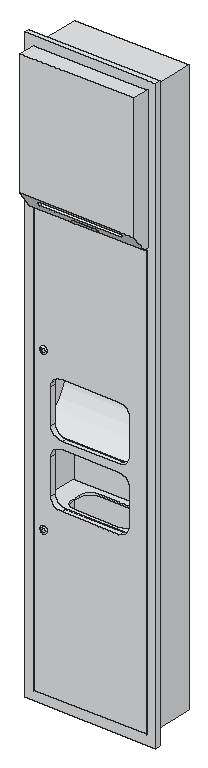
Revit family "DWCB0015_revit", category Generic Models, Revit 2017
Family settings
  Can host rebar = No
  Round Connector Dimension = Use Diameter
  Part Type = Normal
  Work Plane-Based = No
  Always vertical = Yes
  Cut with Voids When Loaded = No
  Shared = No
  Room Calculation Point = No
Parameters
  Website = "https://dolphy.in/"  # constant formula
  Contact number = "+91 9520202035"  # constant formula
  Contact email = "info@dolphy.in"  # constant formula
  Company name = "Dolphy India"  # constant formula
Reference planes
  plane 1 "Center (Front/Back)": y = 0
  plane 2: z = 0
  plane 3 "Center (Left/Right)": x = 0
Forms (mm)
  Extrusion 1, solid, material "Dolphy_CHROME"
    sketch origin (0, -246.395, 670) x (-1, 0, 0) y (0, 0, 1)
      loop
        line (-187.5, 1030) -> (-187.5, -670) -> (187.5, -670) -> (187.5, 1030) -> (-187.5, 1030)
    from 231.395 to 246.395
  Extrusion 2, solid, material "Dolphy_CHROME"
    sketch origin (0, -261.395, 670) x (-1, 0, 0) y (0, 0, 1)
      loop
        line (-162.5, 1005) -> (-162.5, -645) -> (162.5, -645) -> (162.5, 1005) -> (-162.5, 1005)
    from 392.748 to 256.148
  Extrusion 3, solid, material "Dolphy_CHROME"
    sketch origin (0, -246.395, 988.975) x (0, -1, 0) y (0, 0, 1)
      loop
        line (-231.395, 686.025) -> (-231.395, 283) -> (-217.653, 283) -> (-184.214, 329.024) -> (-184.214, 686.025) -> (-231.395, 686.025)
    from -162.5 to 162.5
  Extrusion 4, void
    sketch origin (0, -64.395, 901.003) x (-1, 0, 0) y (0, -0.446869, 0.894599)
      loop
        line (-120.5, 363.884) -> (-120.5, 340.423) -> (120.5, 340.423) -> (120.5, 363.884) -> (-120.5, 363.884)
    from 143.301 to 322.211
  Extrusion 5, solid, material "Dolphy_CHROME"
    sketch origin (0, -2.64, 889.419) x (-1, 0, 0) y (0, -0.607315, 0.794461)
      loop
        spline (-29.457, 335.071) -> (-31.913, 334.794) -> (-33.832, 334.034) -> (-35.257, 332.894) -> (-36.233, 331.482) -> (-36.803, 329.902) -> (-37.012, 328.259) -> (-36.884, 326.651) -> (-36.376, 325.147) -> (-35.435, 323.811) -> (-34.004, 322.705) -> (-32.03, 321.894) -> (-29.457, 321.441)
        line (-29.457, 321.441) -> (29.457, 321.441)
        spline (29.457, 321.441) -> (32.03, 321.894) -> (34.004, 322.705) -> (35.435, 323.811) -> (36.376, 325.147) -> (36.884, 326.651) -> (37.012, 328.259) -> (36.803, 329.902) -> (36.233, 331.482) -> (35.257, 332.894) -> (33.832, 334.034) -> (31.913, 334.794) -> (29.457, 335.071)
        line (29.457, 335.071) -> (-29.457, 335.071)
    from 210.452 to 217.888
  Extrusion 6, void
    sketch origin (0, -246.395, 670) x (-1, 0, 0) y (0, 0, 1)
      loop
        line (162.5, 595.372) -> (-162.5, 595.372) -> (-162.5, -645) -> (162.5, -645) -> (162.5, 595.372)
      loop
        line (162, 593.912) -> (-162, 593.912) -> (-162, -644.482) -> (162, -644.482) -> (162, 593.912)
    from 231.395 to 240.368
  Extrusion 7, void
    sketch origin (0, -246.395, 670) x (-1, 0, 0) y (0, 0, 1)
      loop
        line (82.838, 0) -> (-82.162, 0)
        arc (-82.162, 0) -> (-103.375, -8.787) -> (-112.162, -30) r 30
        line (-112.162, -30) -> (-112.162, -130)
        arc (-112.162, -130) -> (-103.375, -151.213) -> (-82.162, -160) r 30
        line (-82.162, -160) -> (82.838, -160)
        arc (82.838, -160) -> (104.051, -151.213) -> (112.838, -130) r 30
        line (112.838, -130) -> (112.838, -30)
        arc (112.838, -30) -> (104.051, -8.787) -> (82.838, 0) r 30
      loop
        line (82.838, 180) -> (-82.162, 180)
        arc (-82.162, 180) -> (-103.375, 171.213) -> (-112.162, 150) r 30
        line (-112.162, 150) -> (-112.162, 50)
        arc (-112.162, 50) -> (-103.375, 28.787) -> (-82.162, 20) r 30
        line (-82.162, 20) -> (82.838, 20)
        arc (82.838, 20) -> (104.051, 28.787) -> (112.838, 50) r 30
        line (112.838, 50) -> (112.838, 150)
        arc (112.838, 150) -> (104.051, 171.213) -> (82.838, 180) r 30
    from 208.767 to 311.395
  Extrusion 8, void
    sketch origin (0, -5, 0) x (1, 0, 0) y (0, 1, 0)
      loop
        line (-157.5, 126.622) -> (-157.5, -5) -> (157.5, -5) -> (157.5, 126.622) -> (-157.5, 126.622)
    from 35.818 to 1670.727
  Sweep 9, solid, material "Dolphy_CHROME"
    path in 3D
      loop
        line (-152.838, 0, 690) -> (152.162, 0, 690)
    profile origin (-0.338, 0, 690) x (0, 1, 0) y (0, 0, 1)
      loop
        line (0, 0) -> (1.797, -4.666)
        arc (1.797, -4.666) -> (84.26, 73.066) -> (88.614, 186.306) r 149.676
        line (88.614, 186.306) -> (82.847, 187.434)
        arc (82.847, 187.434) -> (80.329, 76.521) -> (0, 0) r 144.676
  Extrusion 10, solid, material "Dolphy_CHROME"
    sketch origin (0, 0, 0) x (0, 1, 0) y (0, 0, 1)
      loop
        line (0, 510) -> (0, 505) -> (117.049, 505) -> (117.049, 510) -> (0, 510)
    from -157.5 to 157.5
  Extrusion 11, void
    sketch origin (0, 0, 510) x (-1, 0, 0) y (0, 1, 0)
      loop
        arc (98.955, 65.885) -> (88.704, 90.633) -> (63.955, 100.885) r 35
        line (63.955, 100.885) -> (-61.045, 100.885)
        arc (-61.045, 100.885) -> (-85.794, 90.633) -> (-96.045, 65.885) r 35
        line (-96.045, 65.885) -> (-96.045, 44.708)
        arc (-96.045, 44.708) -> (-85.794, 19.959) -> (-61.045, 9.708) r 35
        line (-61.045, 9.708) -> (63.955, 9.708)
        arc (63.955, 9.708) -> (88.704, 19.959) -> (98.955, 44.708) r 35
        line (98.955, 44.708) -> (98.955, 65.885)
    from 0 to 250
  Blend 12, solid, material "Dolphy_CHROME"
    base sketch origin (0, -15, 670) x (1, 0, 0) y (0, 0, 1)
      loop
        circle (-133.325, 236.322) r 10
    top sketch origin (0, -15, 670) x (1, 0, 0) y (0, 0, 1)
      loop
        circle (-133.325, 236.322) r 6.958
    from 0 to 2
  Extrusion 13, void
    sketch origin (0, -17, 670) x (-1, 0, 0) y (0, 0, 1)
      loop
        line (137.568, 237.425) -> (128.79, 237.425) -> (128.79, 235.334) -> (137.568, 235.334) -> (137.568, 237.425)
    from 0 to 2
  Blend 14, solid, material "Dolphy_CHROME"
    base sketch origin (0, -15, 210) x (1, 0, 0) y (0, 0, 1)
      loop
        circle (-133.325, 236.322) r 10
    top sketch origin (0, -15, 210) x (1, 0, 0) y (0, 0, 1)
      loop
        circle (-133.325, 236.322) r 6.958
    from 0 to 2
  Extrusion 15, void
    sketch origin (0, -17, 210) x (-1, 0, 0) y (0, 0, 1)
      loop
        line (137.568, 237.425) -> (128.79, 237.425) -> (128.79, 235.334) -> (137.568, 235.334) -> (137.568, 237.425)
    from 0 to 2
Cuts and joins
  Extrusion 6, Extrusion 7, Extrusion 13, Extrusion 15 cuts Extrusion 1
  Extrusion 8, Extrusion 13, Extrusion 15 cuts Extrusion 2
  Extrusion 4, Extrusion 13, Extrusion 15 cuts Extrusion 3
  joined: Extrusion 1, Extrusion 2, Extrusion 3
  Extrusion 11 cuts Extrusion 10
  Extrusion 13, Extrusion 15 cuts Blend 12
  Extrusion 15 cuts Blend 14
Lines and regions (mm)
  sketch lines
    curve 1: line (-152.838, 0, 690) -> (152.162, 0, 690)
Dimensions and locks
  Extrusion 2 to Extrusion 2 = 1650 mm
  Extrusion 2 to Extrusion 2 = 325 mm
  cut or joined group 1 (Extrusion 1, Extrusion 2, Extrusion 3, Extrusion 4, Extrusion 6, Extrusion 7, Extrusion 8, Extrusion 13, Extrusion 15) to cut or joined group 1 = 146.353 mm
  aligned and locked: level to plane 2
